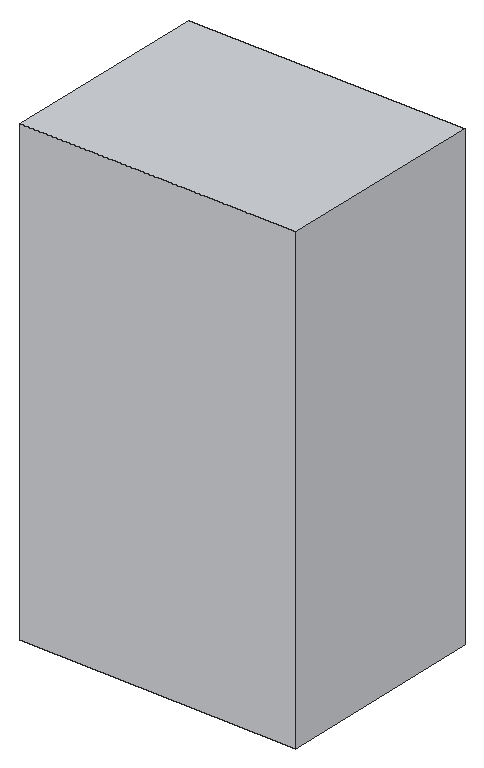
Revit family
Parameters
  Warranty Duration (Years) = 0
  Unit Width [instance] = 1' - 8"
  Unit Height [instance] = 1' - 8"
  Unit Depth = 0' - 1"
  URL = "http://www.americanspecialties.com/viewCategories.cfm"
  Trim Material = Glass
  Test Data = ""
  Specification = "http://www.arcat.com/sdspecs/htm/10810asi.htm"
  SpecWizard = ""
  Send Message = "http://www.arcat.com/users.pl?action=UserEmail&company=American%20Specialties,%20Inc.&coid=30448&rep=139&fax=914-476-0688&mf="
  Sales Information = "http://www.americanspecialties.com/contact"
  Revision = "R1_10-2010"
  Product Properties = "http://www.americanspecialties.com/datasheets/0535.pdf"
  Product Data = "http://www.arcat.com/arcatcos/cos30/arc30448.html"
  Model = "As Specified in 10 28 13"
  Mirror W [instance] = 1' - 7"
  Mirror Height = 1' - 7 1/2"
  Manufacturer Website = "http://www.americanspecialties.com/viewCategories.cfm"
  Manufacturer Phone - Toll Free = ""
  Manufacturer Phone = "914-476-9000 "
  Manufacturer Fax = "914-476-0688"
  Manufacturer Address = "441 Saw Mill River Rd., Yonkers, NY 10701"
  Manufacturer = "American Specialties, Inc."
  Maintenance Schedule (Months) = 0
  M = if(B = 0' 4", 0' 3 205/256", 0' 0 7/8")  # 0' - 3 205/256"
  Keynote = "10 28 13"
  Installation-Fabrication = "http://www.americanspecialties.com/products.cfm"
  Green Building-LEED = ""
  Expected Lifespan (Years) = 0
  Drawn By = "Robert S. Weygant. CSI, CDT, SCIP"  # constant formula
  Description = "Toilet Accessory as Specified in 10 28 13"
  Default Elevation = 4' - 0"
  Copyright = "©Arcat Inc."
  Construction Details = "http://www.arcat.com/green/clients/leed_data_30448.html"
  Building Codes = "http://www.americanspecialties.com/products.cfm"
  Body Material = Metal - Stainless Steel
  B = 0' - 4"
  Assembly Code = "C1030210"
Reference planes (in)
  plane 1 "Center (Front/Back)": y = -0.29112
  plane 2 "Floor Line": z = 0
  plane 3 "Center (Left/Right)": x = -0.65843
  plane 4: z = 58
  plane 5: x = -10.65843
  plane 6: x = 9.34157
  plane 7: z = 48
  plane 8: z = 68
  plane 9: x = 8.84157
  plane 10: x = -10.15843
Forms (in)
  Extrusion 1, solid
    sketch origin (-3, -9, -6) x (0, 0, -1) y (1, 0, 0)
      loop
        line (-82, 26) -> (-82, -19.34712) -> (-6, -19.34712) -> (-6, 26) -> (-82, 26)
    from 9 to -25.60721
  Extrusion 2, solid, material "Metal - Stainless Steel" <- "Body Material"
    sketch origin (-8.65843, 1.75, 0) x (0, 1, 0) y (0, 0, 1)
      loop
        line (-10.79112, 0) -> (9.20888, 0) -> (9.20888, 4) -> (-10.79112, 1) -> (-10.79112, 0)
    from -2 to 18
  Extrusion 3, solid, material "Glass" <- "Trim Material"
    sketch origin (-0.65843, 0, 0) x (0, 1, 0) y (0, 0, 1)
      loop
        line (-9.04112, 0.875) -> (-9.04112, 0) -> (10.45888, 0) -> (10.45888, 3.80078) -> (-9.04112, 0.875)
    from -9.5 to 9.5
  Extrusion 4, void
    sketch origin (-0.65843, 0, 0) x (0, 1, 0) y (0, 0, 1)
      loop
        line (10.45888, 0.25) -> (10.45888, 4.08757) -> (-8.54112, 4.08757) -> (-8.54112, 0.25) -> (10.45888, 0.25)
    from -9.5 to 9.5
Cuts and joins
  Extrusion 4 cuts Extrusion 2
Dimensions and locks (in)
  equal spacing: plane 8, plane 4, plane 7
  equal spacing: plane 6, plane 3 "Center (Left/Right)", plane 5
  "Unit Width": plane 6 to plane 5
  "Unit Height": plane 8 to plane 7
  "Default Elevation": plane 7 to plane 2 "Floor Line"
  "Unit Height": Extrusion 2 sketch curve to Extrusion 2 sketch curve
  locked: Extrusion 2 sketch curve to Extrusion 2 sketch curve at 1
  "B": Extrusion 2 sketch curve to Extrusion 2 sketch curve
  locked: cut or joined group of Extrusion 2, Extrusion 4 to cut or joined group of Extrusion 2, Extrusion 4 at 0.5  (x2)
  "Mirror W": plane 10 to plane 9
  equal spacing: plane 10, plane 3 "Center (Left/Right)", plane 9
  "M": Extrusion 3 sketch curve to Extrusion 3 sketch curve
  locked: Extrusion 3 sketch curve to Extrusion 3 sketch curve at 0.875
  aligned and locked: Extrusion 1 to level
  aligned and locked: plane 6 to cut or joined group of Extrusion 2, Extrusion 4
  aligned and locked: cut or joined group of Extrusion 2, Extrusion 4 to plane 5
  aligned and locked: Extrusion 3 to plane 9
  aligned and locked: plane 10 to Extrusion 3
  aligned and locked: Extrusion 3 to Extrusion 4
Automatic sketch dimensions
  Extrusion 1 sketch curve to Extrusion 1 sketch curve = 6' - 4"
  Extrusion 1 sketch curve to Extrusion 1 sketch curve = 3' - 9.34712"
  Extrusion 2 sketch curve to level = 0' - 0"
  plane 1 "Center (Front/Back)" to Extrusion 2 sketch curve = 0' - 8 3/4"
  level to Extrusion 4 sketch curve = 0' - 0 1/4"
  plane 1 "Center (Front/Back)" to Extrusion 4 sketch curve = 0' - 8 1/4"
  level to Extrusion 4 sketch curve = 0' - 4.08757"
  Extrusion 4 sketch curve to plane 1 "Center (Front/Back)" = 0' - 10 3/4"
  plane 1 "Center (Front/Back)" to Extrusion 3 sketch curve = 0' - 8 3/4"
  Extrusion 3 sketch curve to plane 1 "Center (Front/Back)" = 0' - 10 3/4"
  Extrusion 3 sketch curve to level = 0' - 0"
